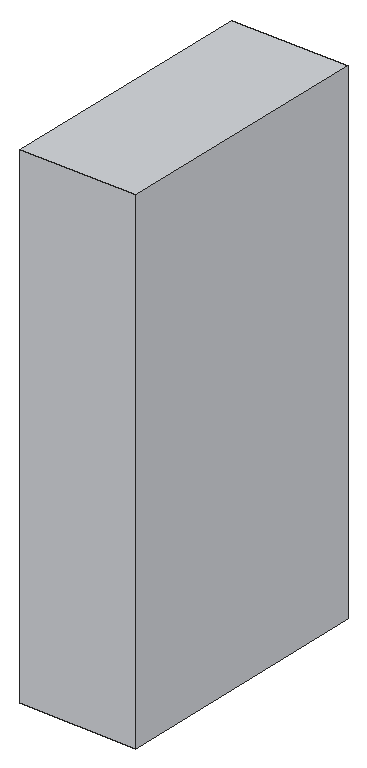
Revit family "6-SHELF, 1-UNIT", category Generic Models, Revit 2014
Parameters (values of type "OVERSIZED WIDTH")
  UNIT WIDTH [instance] = 1' - 7"
  HEIGHT = 6' - 9 1/2"
  Cabinet Label = Labels : 7-SHELF
Types (3): name | UNIT WIDTH
  (no name) | 1' - 7"
  STANDARD WIDTH | 1' - 4"
  OVERSIZED WIDTH | 1' - 7"
Reference planes (in)
  plane 1 "Center (Front/Back)": y = 0
  plane 2 "BOTTOM": z = 0
  plane 3 "Center (Left/Right)": x = 0
  plane 4 "RIGHT": x = 9.5
  plane 5 "LEFT": x = -9.5
  plane 6 "BACK": y = 21.75
  plane 7 "FRONT": y = -21.75
  plane 8 "OPEN POSITION": y = -58.24743
  plane 9 "TOP": z = 81.5
  plane 10: x = -3.5
  plane 11: x = 3.5
  plane 12 "FRONT DETAIL 1": z = 54
  plane 13 "FRONT DETAIL 2": z = 52.5
  plane 14 "FRONT DETAIL 3": z = 46
  plane 15: x = -1.5
  plane 16: x = 1.5
Forms (in)
  Extrusion 1, solid
    sketch origin (0, 0, 0) x (1, 0, 0) y (0, 1, 0)
      loop
        line (-9.5, 21.75) -> (-9.5, -21.75) -> (9.5, -21.75) -> (9.5, 21.75) -> (-9.5, 21.75)
    from 0 to 81.5
Lines and regions (in)
  model lines, style "GenericModelHiddenLines"
    curve 1: line (-9.5, -21.75, 0) -> (-9.5, -58.24743, 0)
    curve 2: line (-9.5, -58.24743, 0) -> (9.5, -58.24743, 0)
    curve 3: line (9.5, -58.24743, 0) -> (9.5, -21.75, 0)
  model lines, style "GenericModel"
    curve 4: line (-1.5, -21.75, 54) -> (1.5, -21.75, 54)
    curve 5: line (1.5, -21.75, 54) -> (1.5, -21.75, 52.5)
    curve 6: line (1.5, -21.75, 52.5) -> (-1.5, -21.75, 52.5)
    curve 7: line (-1.5, -21.75, 52.5) -> (-1.5, -21.75, 54)
    curve 8: line (-3.5, -21.75, 46) -> (3.5, -21.75, 46)
Dimensions and locks (in)
  equal spacing: plane 5 "LEFT", plane 3 "Center (Left/Right)", plane 4 "RIGHT"
  "UNIT WIDTH": plane 5 "LEFT" to plane 4 "RIGHT"
  equal spacing: plane 6 "BACK", plane 1 "Center (Front/Back)", plane 7 "FRONT"
  plane 6 "BACK" to plane 7 "FRONT" to plane 8 "OPEN POSITION" = 3' - 7 1/2" locked, 3' - 0.49743" locked
  "HEIGHT": plane 2 "BOTTOM" to plane 9 "TOP"
  plane 12 "FRONT DETAIL 1" to plane 13 "FRONT DETAIL 2" to plane 14 "FRONT DETAIL 3" to plane 2 "BOTTOM" = 0' - 1 1/2" locked, 0' - 6 1/2" locked, 3' - 10" locked
  locked: plane 15 to plane 10 at 2
  locked: plane 16 to plane 11 at 2
  locked: plane 16 to plane 15 at 3
  equal spacing: plane 16, plane 3 "Center (Left/Right)", plane 15, locked at 1.5 each
  aligned and locked: plane 2 "BOTTOM" to level
  aligned and locked: Extrusion 1 sketch curve to plane 6 "BACK"
  aligned and locked: plane 5 "LEFT" to Extrusion 1 sketch curve
  aligned and locked: plane 7 "FRONT" to Extrusion 1 sketch curve
  aligned and locked: Extrusion 1 sketch curve to plane 4 "RIGHT"
  aligned and locked: Extrusion 1 to plane 2 "BOTTOM"
  aligned and locked: Extrusion 1 to plane 9 "TOP"
  aligned and locked: curve 1 to plane 5 "LEFT"
  aligned and locked: curve 2 to plane 8 "OPEN POSITION"
  aligned and locked: plane 4 "RIGHT" to curve 3
  aligned and locked: curve 8 to plane 14 "FRONT DETAIL 3"
  aligned and locked: plane 11 to curve 8
  aligned and locked: plane 10 to curve 8
  aligned and locked: plane 15 to curve 7
  aligned and locked: curve 5 to plane 16
  aligned and locked: curve 4 to plane 12 "FRONT DETAIL 1"
  aligned and locked: plane 13 "FRONT DETAIL 2" to curve 6
Automatic sketch dimensions
  curve 3 to plane 7 "FRONT" = 0' - 0"
  curve 1 to plane 7 "FRONT" = 0' - 0"
Nested families (in)
  nested 1: "Labels" at (0, 0, 0) x (0, 1, 0) z (0, 0, 1), type <- "Cabinet Label", type "7-SHELF"
Definition of nested family "Labels"
  Parameters (values of type "6-SHELF")
    Cabinet Label = "6-SHELF"
  Types (2): name | Cabinet Label
    6-SHELF | "6-SHELF"
    7-SHELF | "7-SHELF"
  Reference planes (in)
    plane 1: y = 0
    plane 2: x = 0
  Text (in)
    label "xxxx" at (-0.00018, 0.00754, 0), shows "Cabinet Label"
